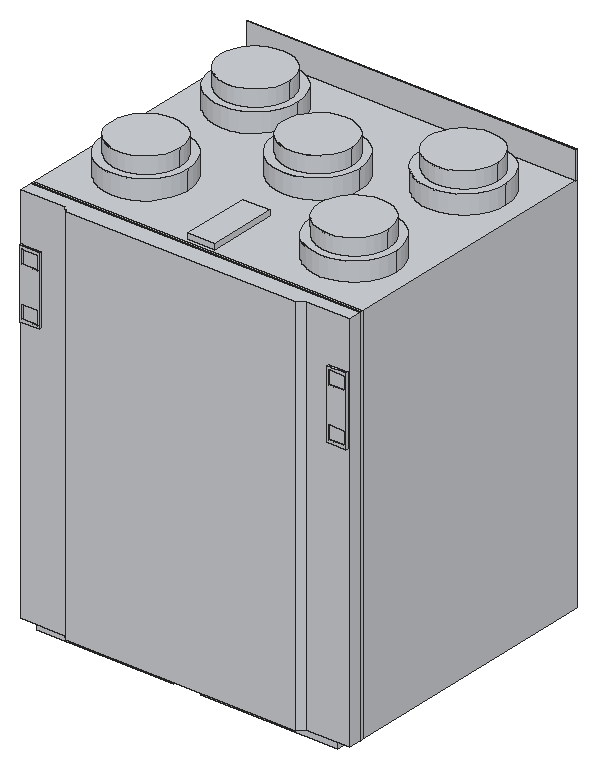
Revit family "210_101d5c66d62c43bfbcc20518987600", category Mechanical Equipment, Revit 2017
Family settings
  Round Connector Dimension = Use Diameter
  Part Type = Breaks Into
  Work Plane-Based = No
  Always vertical = Yes
  Cut with Voids When Loaded = No
  Shared = No
  Room Calculation Point = No
Parameters (values of type "Nordic S2 R_L (800113)")
  magiProductId = "101d5c66d62c43bfbcc20518987600"
  magiProductFamilyId = "101d5c66d62c43bfbcc20518987600"
  magiPartTypeId = 210
  fan_pressure_supply [instance] = 0.0 Pa
  fan_pressure_exhaust [instance] = 0.0 Pa
  fan_flow_supply [instance] = 0.0 L/s
  fan_flow_exhaust [instance] = 0.0 L/s
  ang2D [instance] = 0.00°
  YSUP = 370 mm
  YOUT = 370 mm
  YL = 508 mm
  YK = 215 mm
  YEXT = 120 mm
  YEXH = 120 mm
  XT = 50 mm
  XSUP = 490 mm
  XOUT = 110 mm
  XL = 250 mm
  XK = 300 mm
  XEXT = 490 mm
  XEXH = 110 mm
  W2 = 264 mm
  W0 = 518 mm
  W = 500 mm
  VersionID = "2.0/2018.8.28.1/FLEXIT_S3-S2-L_001"
  RC = 62.5 mm
  R1 = 77.5 mm
  R = 62.5 mm
  QmdConnectorList = "221;D;231;D;241;D;249;DC;251;D"
  Productdata [instance] = "© Progman Oy, all rights reserved"
  PValue [instance] = 100.0 Pa
  Manufacturer = "Flexit"
  Maintenance Zone Right Depth [instance] = 500 mm
  Maintenance Zone Over Depth [instance] = 500 mm
  MZONL__ve [instance] = -Maintenance Zone Left Depth  # -500 mm
  Maintenance Zone Left Depth [instance] = 500 mm
  MZONF__ve [instance] = -Maintenance Zone Front Depth  # -528 mm
  Maintenance Zone Front Depth [instance] = 528 mm
  Maintenance Zone Back Depth [instance] = 400 mm
  Maintenance Zone Top Visibility [instance] = no
  Maintenance Zone Right Visibility [instance] = no
  Maintenance Zone Left Visibility [instance] = no
  Maintenance Zone Back Visibility [instance] = no
  Maintenance Zone Front Visibility [instance] = no
  MC Ventilation Flow [instance] = 0.0 L/s
  MC Product Code = "Nordic S2 R_L (800113)"
  MC Piping Flow [instance] = 0.0 L/s
  MC Cooling Flow [instance] = 0.0 L/s
  LD = 35 mm
  L2 = 300 mm
  HD = 125 mm
  HB = 700 mm
  H = 777 mm
  Description = "Nordic S2 R_L (800113)"
  DW = 30 mm
  DL = 64 mm
  DH = 25 mm
  DC = 125 mm
  D = 125 mm
  Clearance Zone Right Depth [instance] = 500 mm
  Clearance Zone Left Depth [instance] = 500 mm
  Clearance Zone Height Depth [instance] = 500 mm
  Clearance Zone Front Depth = 500 mm
  Clearance Zone Back Depth [instance] = 500 mm
  Clearance Zone Visibility [instance] = no
Reference planes
  plane 1 "Center (Front/Back)": y = 0
  plane 2 "XYPLANE": z = 0
  plane 3 "Center (Left/Right)": x = 0
  plane 4 "336": z = 1277
  plane 5 "333": y = -154
  plane 6 "287": y = 262
  plane 7 "285": z = 518
  plane 8 "284": z = 608
  plane 9 "277": x = 280
  plane 10 "276": x = -280
  plane 11 "275": z = 563
  plane 12 "272": x = -300.2
  plane 13 "271": x = 300.2
  plane 14 "270": z = 12.8
  plane 15 "269": z = 713.2
  plane 16 "267": y = -224
  plane 17 "263": y = 5
  plane 18 "262": x = -150
  plane 19 "261": x = 150
  plane 20 "258": x = 220
  plane 21 "257": x = -220
  plane 22 "251": z = 713
  plane 23 "245": z = 13
  plane 24 "235": x = 210
  plane 25 "234": x = -210
  plane 26 "201": y = 49
  plane 27 "200": y = 144
  plane 28 "199": y = -106
  plane 29 "198": y = 144
  plane 30 "197": y = -106
  plane 31 "196": x = 0
  plane 32 "195": x = -190
  plane 33 "194": x = -190
  plane 34 "193": x = 190
  plane 35 "192": x = 190
  plane 36 "133": z = 0
  plane 37 "99": y = -254
  plane 38 "97": x = 300
  plane 39 "59": x = -800
  plane 40 "58": x = 800
  plane 41 "57": y = -764
  plane 42 "56": y = 764
  plane 43 "55": x = -300
  plane 44 "54": x = 300
  plane 45 "53": z = 777
  plane 46 "52": y = -264
  plane 47 "51": y = 264
  plane 48 "48": x = -300
  plane 49 "36": y = 264
  plane 50 "35": x = 0
Forms (mm)
  Blend 1, solid, visible <- "Clearance Zone Visibility"
    base sketch origin (-750, 0, 0) x (1, 0, 0) y (0, 1, 0)
      loop
        line (-50, 764) -> (-50, -764) -> (1550, -764) -> (1550, 764) -> (-50, 764)
    top sketch origin (-750, 0, 0) x (1, 0, 0) y (0, 1, 0)
      loop
        line (-50, 764) -> (-50, -764) -> (1550, -764) -> (1550, 764) -> (-50, 764)
    from 0 to 1277
  Extrusion 2, solid
    sketch origin (-750, 0, 713) x (1, 0, 0) y (0, 1, 0)
      loop
        line (775, -91.5) -> (725, -91.5) -> (725, -216.5) -> (775, -216.5) -> (775, -91.5)
    from 0 to 10
  Extrusion 3, solid
    sketch origin (-750, 0, 713) x (1, 0, 0) y (0, 1, 0)
      loop
        circle (750, 49) r 77.5
    from 0 to 35
  Extrusion 4, solid
    sketch origin (-750, 0, 713) x (1, 0, 0) y (0, 1, 0)
      loop
        circle (560, 144) r 77.5
    from 0 to 35
  Extrusion 5, solid
    sketch origin (-750, 0, 713) x (1, 0, 0) y (0, 1, 0)
      loop
        circle (560, -106) r 77.5
    from 0 to 35
  Extrusion 6, solid
    sketch origin (-750, 0, 713) x (1, 0, 0) y (0, 1, 0)
      loop
        circle (940, 144) r 77.5
    from 0 to 35
  Extrusion 7, solid
    sketch origin (-750, 0, 713) x (1, 0, 0) y (0, 1, 0)
      loop
        circle (940, -106) r 77.5
    from 0 to 35
  Extrusion 8, solid
    sketch origin (750, -254, 0) x (-1, 0, 0) y (0, 0, 1)
      loop
        line (455, 620.5) -> (455, 595.5) -> (485, 595.5) -> (485, 620.5) -> (455, 620.5)
    from 0 to -2
  Extrusion 9, solid
    sketch origin (750, -254, 0) x (-1, 0, 0) y (0, 0, 1)
      loop
        line (455, 530.5) -> (455, 505.5) -> (485, 505.5) -> (485, 530.5) -> (455, 530.5)
    from 0 to -2
  Extrusion 10, solid
    sketch origin (750, -254, 0) x (-1, 0, 0) y (0, 0, 1)
      loop
        line (1015, 620.5) -> (1015, 595.5) -> (1045, 595.5) -> (1045, 620.5) -> (1015, 620.5)
    from 0 to -2
  Extrusion 11, solid
    sketch origin (750, -254, 0) x (-1, 0, 0) y (0, 0, 1)
      loop
        line (1015, 530.5) -> (1015, 505.5) -> (1045, 505.5) -> (1045, 530.5) -> (1015, 530.5)
    from 0 to -2
  Extrusion 12, solid
    sketch origin (-750, 0, 713) x (1, 0, 0) y (0, 1, 0)
      loop
        line (450, 262) -> (1050, 262) -> (1050, 264) -> (450, 264) -> (450, 262)
    from 0 to 50
  Extrusion 13, solid
    sketch origin (750, -254, 0) x (-1, 0, 0) y (0, 0, 1)
      loop
        line (452.5, 625.5) -> (452.5, 500.5) -> (487.5, 500.5) -> (487.5, 625.5) -> (452.5, 625.5)
      loop
        line (455, 530.5) -> (455, 505.5) -> (485, 505.5) -> (485, 530.5) -> (455, 530.5)
      loop
        line (455, 620.5) -> (455, 595.5) -> (485, 595.5) -> (485, 620.5) -> (455, 620.5)
    from 0 to -4
  Extrusion 14, solid
    sketch origin (750, -254, 0) x (-1, 0, 0) y (0, 0, 1)
      loop
        line (1012.5, 625.5) -> (1012.5, 500.5) -> (1047.5, 500.5) -> (1047.5, 625.5) -> (1012.5, 625.5)
      loop
        line (1015, 620.5) -> (1015, 595.5) -> (1045, 595.5) -> (1045, 620.5) -> (1015, 620.5)
      loop
        line (1015, 530.5) -> (1015, 505.5) -> (1045, 505.5) -> (1045, 530.5) -> (1015, 530.5)
    from 0 to -4
  Extrusion 15, solid
    sketch origin (750, -224, 0) x (-1, 0, 0) y (0, 0, 1)
      loop
        line (1050.2, 12.8) -> (1050.2, 713.2) -> (449.8, 713.2) -> (449.8, 12.8) -> (1050.2, 12.8)
    from 0 to -5
  Extrusion 16, solid
    sketch origin (-750, 0, 0) x (1, 0, 0) y (0, 1, 0)
      loop
        line (1025, 259) -> (775, 259) -> (775, -249) -> (1025, -249) -> (1025, 259)
    from 0 to 13
  Extrusion 17, solid
    sketch origin (-750, 0, 0) x (1, 0, 0) y (0, 1, 0)
      loop
        line (725, 259) -> (475, 259) -> (475, -249) -> (725, -249) -> (725, 259)
    from 0 to 13
  Extrusion 18, solid
    sketch origin (-750, 0, 713) x (1, 0, 0) y (0, 1, 0)
      loop
        circle (750, 49) r 62.5
    from 0 to 64 <- "DL"
  Extrusion 19, solid
    sketch origin (-750, 0, 713) x (1, 0, 0) y (0, 1, 0)
      loop
        circle (940, 144) r 62.5
    from 0 to 64 <- "DL"
  Extrusion 20, solid
    sketch origin (-750, 0, 713) x (1, 0, 0) y (0, 1, 0)
      loop
        circle (560, 144) r 62.5
    from 0 to 64 <- "DL"
  Extrusion 21, solid
    sketch origin (-750, 0, 713) x (1, 0, 0) y (0, 1, 0)
      loop
        circle (560, -106) r 62.5
    from 0 to 64 <- "DL"
  Extrusion 22, solid
    sketch origin (-750, 0, 713) x (1, 0, 0) y (0, 1, 0)
      loop
        circle (940, -106) r 62.5
    from 0 to 64 <- "DL"
  Extrusion 23, solid
    sketch origin (-750, 0, 13) x (1, 0, 0) y (0, 1, 0)
      loop
        line (450, 264) -> (450, -254) -> (530, -254) -> (540, -264) -> (960, -264) -> (970, -254) -> (1050, -254) -> (1050, 264) -> (450, 264)
    from 0 to 700 <- "HB"
  Extrusion 24, solid, visible <- "Maintenance Zone Front Visibility"
    sketch origin (750, -264, 0) x (-1, 0, 0) y (0, 0, 1)
      loop
        line (1050, 777) -> (450, 777) -> (450, 0) -> (1050, 0) -> (1050, 777)
    from 0 to -528 <- "MZONF__ve"
  Extrusion 25, solid, visible <- "Maintenance Zone Back Visibility"
    sketch origin (750, 264, 0) x (-1, 0, 0) y (0, 0, 1)
      loop
        line (1050, 0) -> (1050, 777) -> (450, 777) -> (450, 0) -> (1050, 0)
    from 0 to 400 <- "Maintenance Zone Back Depth"
  Extrusion 26, solid, visible <- "Maintenance Zone Left Visibility"
    sketch origin (-300, -750, 0) x (0, 1, 0) y (0, 0, 1)
      loop
        line (1014, 777) -> (486, 777) -> (486, 0) -> (1014, 0) -> (1014, 777)
    from 0 to -500 <- "MZONL__ve"
  Extrusion 27, solid, visible <- "Maintenance Zone Right Visibility"
    sketch origin (300, -750, 0) x (0, 1, 0) y (0, 0, 1)
      loop
        line (1014, 777) -> (486, 777) -> (486, 0) -> (1014, 0) -> (1014, 777)
    from 0 to 500 <- "Maintenance Zone Right Depth"
  Extrusion 28, solid, visible <- "Maintenance Zone Top Visibility"
    sketch origin (-750, 0, 777) x (1, 0, 0) y (0, 1, 0)
      loop
        line (450, 264) -> (450, -264) -> (1050, -264) -> (1050, 264) -> (450, 264)
    from 0 to 500 <- "Maintenance Zone Over Depth"
  Extrusion 29, solid, not visible
    sketch origin (-750, 0, 713) x (1, 0, 0) y (0, 1, 0)
      loop
        circle (750, 49) r 10
    from 0 to -10
  Extrusion 30, solid, not visible
    sketch origin (-750, 0, 713) x (1, 0, 0) y (0, 1, 0)
      loop
        circle (560, -106) r 10
    from 0 to -10
  Extrusion 31, solid, not visible
    sketch origin (-750, 0, 713) x (1, 0, 0) y (0, 1, 0)
      loop
        circle (560, 144) r 10
    from 0 to -10
  Extrusion 32, solid, not visible
    sketch origin (-750, 0, 713) x (1, 0, 0) y (0, 1, 0)
      loop
        circle (940, 144) r 10
    from 0 to -10
  Extrusion 33, solid, not visible
    sketch origin (-750, 0, 713) x (1, 0, 0) y (0, 1, 0)
      loop
        circle (940, -106) r 10
    from 0 to -10
Lines and regions (mm)
  reference lines, not visible
    curve 1: circle (2, 2, 0) r 1 normal (0, 0, 1)
  reference lines
    curve 2: circle (0, -154, 713) r 1 normal (0, 0, 1)
    curve 3: circle (280, -254, 608) r 1 normal (0, -1, 0)
    curve 4: circle (280, -254, 518) r 1 normal (0, -1, 0)
    curve 5: circle (-280, -254, 608) r 1 normal (0, -1, 0)
    curve 6: circle (-280, -254, 518) r 1 normal (0, -1, 0)
    curve 7: circle (280, -254, 563) r 1 normal (0, -1, 0)
    curve 8: circle (280, -254, 518) r 1 normal (0, -1, 0)
    curve 9: circle (280, -254, 608) r 1 normal (0, -1, 0)
    curve 10: circle (-280, -254, 563) r 1 normal (0, -1, 0)
    curve 11: circle (-280, -254, 608) r 1 normal (0, -1, 0)
    curve 12: circle (-280, -254, 518) r 1 normal (0, -1, 0)
    curve 13: circle (150, 5, 0) r 1 normal (0, 0, 1)
    curve 14: circle (-150, 5, 0) r 1 normal (0, 0, 1)
Text (mm)
  text "© Progman Oy, all rights reserved" at (-472.209, -2482.653, 0), in view "Ref. Level"
Dimensions and locks
  plane 1 "Center (Front/Back)" to curve 1 = 2 mm
  "Clearance Zone Height Depth": plane 45 "53" to plane 4 "336"
  locked: plane 37 "99" to plane 5 "333" at 100
  locked: plane 49 "36" to plane 6 "287" at 2
  locked: plane 11 "275" to plane 7 "285" at 45
  locked: plane 11 "275" to plane 8 "284" at 45
  locked: plane 38 "97" to plane 9 "277" at 20
  locked: plane 48 "48" to plane 10 "276" at 20
  locked: plane 22 "251" to plane 11 "275" at 150
  locked: plane 48 "48" to plane 12 "272" at 0.2
  locked: plane 38 "97" to plane 13 "271" at 0.2
  locked: plane 23 "245" to plane 14 "270" at 0.2
  locked: plane 22 "251" to plane 15 "269" at 0.2
  locked: plane 49 "36" to plane 16 "267" at 488
  locked: plane 1 "Center (Front/Back)" to plane 17 "263" at 5
  locked: plane 3 "Center (Left/Right)" to plane 18 "262" at 150
  locked: plane 3 "Center (Left/Right)" to plane 19 "261" at 150
  locked: plane 38 "97" to plane 20 "258" at 80
  locked: plane 48 "48" to plane 21 "257" at 80
  "HB": plane 23 "245" to plane 22 "251"
  locked: plane 2 "XYPLANE" to plane 23 "245" at 13
  locked: plane 38 "97" to plane 24 "235" at 90
  locked: plane 48 "48" to plane 25 "234" at 90
  "YK": plane 49 "36" to plane 26 "201"
  "YEXH": plane 49 "36" to plane 27 "200"
  "YOUT": plane 49 "36" to plane 28 "199"
  "YEXT": plane 49 "36" to plane 29 "198"
  "YSUP": plane 49 "36" to plane 30 "197"
  "XK": plane 48 "48" to plane 31 "196"
  "XEXH": plane 48 "48" to plane 32 "195"
  "XOUT": plane 48 "48" to plane 33 "194"
  "XEXT": plane 48 "48" to plane 34 "193"
  "XSUP": plane 48 "48" to plane 35 "192"
  locked: plane 2 "XYPLANE" to plane 36 "133"
  "W0": plane 49 "36" to plane 37 "99"
  "L2": plane 3 "Center (Left/Right)" to plane 38 "97"
  "Clearance Zone Left Depth": plane 43 "55" to plane 39 "59"
  "Clearance Zone Right Depth": plane 44 "54" to plane 40 "58"
  "Clearance Zone Front Depth": plane 46 "52" to plane 41 "57"
  "Clearance Zone Back Depth": plane 47 "51" to plane 42 "56"
  "L2": plane 3 "Center (Left/Right)" to plane 43 "55"
  "L2": plane 3 "Center (Left/Right)" to plane 44 "54"
  "H": plane 2 "XYPLANE" to plane 45 "53"
  "W2": plane 1 "Center (Front/Back)" to plane 46 "52"
  "W2": plane 1 "Center (Front/Back)" to plane 47 "51"
  "L2": plane 3 "Center (Left/Right)" to plane 48 "48"
  "W2": plane 1 "Center (Front/Back)" to plane 49 "36"
  locked: plane 3 "Center (Left/Right)" to plane 50 "35"
  Blend 1 sketch curve to Blend 1 sketch curve = 0 mm  (x16)
  equal spacing: Extrusion 2 sketch curve, curve 2, Extrusion 2 sketch curve  (x2)
  "HD": Extrusion 2 sketch curve to Extrusion 2 sketch curve
  "XT": Extrusion 2 sketch curve to Extrusion 2 sketch curve
  Extrusion 2 sketch curve to Extrusion 2 sketch curve = 0 mm  (x8)
  equal spacing: Extrusion 8 sketch curve, curve 3, Extrusion 8 sketch curve  (x2)
  "DH": Extrusion 8 sketch curve to Extrusion 8 sketch curve
  "DW": Extrusion 8 sketch curve to Extrusion 8 sketch curve
  Extrusion 8 sketch curve to Extrusion 8 sketch curve = 0 mm  (x8)
  equal spacing: Extrusion 9 sketch curve, curve 4, Extrusion 9 sketch curve  (x2)
  "DH": Extrusion 9 sketch curve to Extrusion 9 sketch curve
  "DW": Extrusion 9 sketch curve to Extrusion 9 sketch curve
  Extrusion 9 sketch curve to Extrusion 9 sketch curve = 0 mm  (x8)
  equal spacing: Extrusion 10 sketch curve, curve 5, Extrusion 10 sketch curve  (x2)
  "DH": Extrusion 10 sketch curve to Extrusion 10 sketch curve
  "DW": Extrusion 10 sketch curve to Extrusion 10 sketch curve
  Extrusion 10 sketch curve to Extrusion 10 sketch curve = 0 mm  (x8)
  equal spacing: Extrusion 11 sketch curve, curve 6, Extrusion 11 sketch curve  (x2)
  "DH": Extrusion 11 sketch curve to Extrusion 11 sketch curve
  "DW": Extrusion 11 sketch curve to Extrusion 11 sketch curve
  Extrusion 11 sketch curve to Extrusion 11 sketch curve = 0 mm  (x8)
  Extrusion 12 sketch curve to Extrusion 12 sketch curve = 0 mm  (x8)
  equal spacing: Extrusion 13 sketch curve, curve 7, Extrusion 13 sketch curve  (x2)
  "HD": Extrusion 13 sketch curve to Extrusion 13 sketch curve
  "LD": Extrusion 13 sketch curve to Extrusion 13 sketch curve
  equal spacing: Extrusion 13 sketch curve, curve 8, Extrusion 13 sketch curve  (x2)
  "DH": Extrusion 13 sketch curve to Extrusion 13 sketch curve  (x2)
  "DW": Extrusion 13 sketch curve to Extrusion 13 sketch curve  (x2)
  equal spacing: Extrusion 13 sketch curve, curve 9, Extrusion 13 sketch curve  (x2)
  Extrusion 13 sketch curve to Extrusion 13 sketch curve = 0 mm  (x24)
  equal spacing: Extrusion 14 sketch curve, curve 10, Extrusion 14 sketch curve  (x2)
  "HD": Extrusion 14 sketch curve to Extrusion 14 sketch curve
  "LD": Extrusion 14 sketch curve to Extrusion 14 sketch curve
  equal spacing: Extrusion 14 sketch curve, curve 11, Extrusion 14 sketch curve  (x2)
  "DH": Extrusion 14 sketch curve to Extrusion 14 sketch curve  (x2)
  "DW": Extrusion 14 sketch curve to Extrusion 14 sketch curve  (x2)
  equal spacing: Extrusion 14 sketch curve, curve 12, Extrusion 14 sketch curve  (x2)
  Extrusion 14 sketch curve to Extrusion 14 sketch curve = 0 mm  (x24)
  Extrusion 15 sketch curve to Extrusion 15 sketch curve = 0 mm  (x8)
  equal spacing: Extrusion 16 sketch curve, curve 13, Extrusion 16 sketch curve  (x2)
  "YL": Extrusion 16 sketch curve to Extrusion 16 sketch curve
  "XL": Extrusion 16 sketch curve to Extrusion 16 sketch curve
  Extrusion 16 sketch curve to Extrusion 16 sketch curve = 0 mm  (x8)
  equal spacing: Extrusion 17 sketch curve, curve 14, Extrusion 17 sketch curve  (x2)
  "YL": Extrusion 17 sketch curve to Extrusion 17 sketch curve
  "XL": Extrusion 17 sketch curve to Extrusion 17 sketch curve
  Extrusion 17 sketch curve to Extrusion 17 sketch curve = 0 mm  (x8)
  Extrusion 23 sketch curve to Extrusion 23 sketch curve = 0 mm  (x16)
  Extrusion 24 sketch curve to Extrusion 24 sketch curve = 0 mm  (x8)
  Extrusion 25 sketch curve to Extrusion 25 sketch curve = 0 mm  (x8)
  Extrusion 26 sketch curve to Extrusion 26 sketch curve = 0 mm  (x8)
  Extrusion 27 sketch curve to Extrusion 27 sketch curve = 0 mm  (x8)
  Extrusion 28 sketch curve to Extrusion 28 sketch curve = 0 mm  (x8)
  "R1": radius of Extrusion 3 sketch curve
  "R1": radius of Extrusion 4 sketch curve
  "R1": radius of Extrusion 5 sketch curve
  "R1": radius of Extrusion 6 sketch curve
  "R1": radius of Extrusion 7 sketch curve
  "RC": radius of Extrusion 18 sketch curve
  "R": radius of Extrusion 19 sketch curve
  "R": radius of Extrusion 20 sketch curve
  "R": radius of Extrusion 21 sketch curve
  "R": radius of Extrusion 22 sketch curve
  aligned and locked: level to plane 2 "XYPLANE"
  aligned and locked: Blend 1 sketch curve to plane 39 "59"  (x4)
  aligned and locked: plane 42 "56" to Blend 1 sketch curve  (x2)
  aligned and locked: plane 41 "57" to Blend 1 sketch curve  (x2)
  aligned and locked: Blend 1 sketch curve to plane 40 "58"  (x2)
  aligned and locked: Blend 1 sketch curve to plane 41 "57"  (x2)
  aligned and locked: Blend 1 sketch curve to plane 42 "56"  (x2)
  aligned and locked: plane 40 "58" to Blend 1 sketch curve  (x2)
  aligned and locked: Blend 1 to plane 4 "336"
  aligned and locked: plane 5 "333" to curve 2
  aligned and locked: plane 50 "35" to curve 2
  aligned and locked: plane 26 "201" to Extrusion 3 sketch curve
  aligned and locked: plane 31 "196" to Extrusion 3 sketch curve
  aligned and locked: plane 27 "200" to Extrusion 4 sketch curve
  aligned and locked: plane 32 "195" to Extrusion 4 sketch curve
  aligned and locked: plane 28 "199" to Extrusion 5 sketch curve
  aligned and locked: plane 33 "194" to Extrusion 5 sketch curve
  aligned and locked: plane 29 "198" to Extrusion 6 sketch curve
  aligned and locked: plane 34 "193" to Extrusion 6 sketch curve
  aligned and locked: plane 30 "197" to Extrusion 7 sketch curve
  aligned and locked: plane 35 "192" to Extrusion 7 sketch curve
  aligned and locked: plane 8 "284" to curve 3
  aligned and locked: plane 9 "277" to curve 3
  aligned and locked: plane 7 "285" to curve 4
  aligned and locked: plane 9 "277" to curve 4
  aligned and locked: plane 8 "284" to curve 5
  aligned and locked: plane 10 "276" to curve 5
  aligned and locked: plane 7 "285" to curve 6
  aligned and locked: plane 10 "276" to curve 6
  aligned and locked: plane 48 "48" to Extrusion 12 sketch curve  (x2)
  aligned and locked: plane 6 "287" to Extrusion 12 sketch curve  (x2)
  aligned and locked: plane 49 "36" to Extrusion 12 sketch curve  (x2)
  aligned and locked: plane 38 "97" to Extrusion 12 sketch curve  (x2)
  aligned and locked: plane 9 "277" to curve 7
  aligned and locked: plane 11 "275" to curve 7
  aligned and locked: plane 7 "285" to curve 8
  aligned and locked: plane 9 "277" to curve 8
  aligned and locked: plane 8 "284" to curve 9
  aligned and locked: plane 9 "277" to curve 9
  aligned and locked: plane 10 "276" to curve 10
  aligned and locked: plane 11 "275" to curve 10
  aligned and locked: plane 8 "284" to curve 11
  aligned and locked: plane 10 "276" to curve 11
  aligned and locked: plane 7 "285" to curve 12
  aligned and locked: plane 10 "276" to curve 12
  aligned and locked: Extrusion 15 sketch curve to plane 12 "272"
  aligned and locked: plane 14 "270" to Extrusion 15 sketch curve
  aligned and locked: plane 15 "269" to Extrusion 15 sketch curve  (x2)
  aligned and locked: plane 12 "272" to Extrusion 15 sketch curve
  aligned and locked: plane 13 "271" to Extrusion 15 sketch curve  (x2)
  aligned and locked: Extrusion 15 sketch curve to plane 14 "270"
  aligned and locked: plane 17 "263" to curve 13
  aligned and locked: plane 19 "261" to curve 13
  aligned and locked: plane 17 "263" to curve 14
  aligned and locked: plane 18 "262" to curve 14
  aligned and locked: plane 26 "201" to Extrusion 18 sketch curve
  aligned and locked: plane 31 "196" to Extrusion 18 sketch curve
  aligned and locked: plane 29 "198" to Extrusion 19 sketch curve
  aligned and locked: plane 34 "193" to Extrusion 19 sketch curve
  aligned and locked: plane 27 "200" to Extrusion 20 sketch curve
  aligned and locked: plane 32 "195" to Extrusion 20 sketch curve
  aligned and locked: plane 28 "199" to Extrusion 21 sketch curve
  aligned and locked: plane 33 "194" to Extrusion 21 sketch curve
  aligned and locked: plane 30 "197" to Extrusion 22 sketch curve
  aligned and locked: plane 35 "192" to Extrusion 22 sketch curve
  aligned and locked: Extrusion 23 sketch curve to plane 49 "36"
  aligned and locked: plane 48 "48" to Extrusion 23 sketch curve  (x2)
  aligned and locked: plane 38 "97" to Extrusion 23 sketch curve  (x2)
  aligned and locked: plane 49 "36" to Extrusion 23 sketch curve
  aligned and locked: plane 37 "99" to Extrusion 23 sketch curve  (x4)
  aligned and locked: plane 20 "258" to Extrusion 23 sketch curve
  aligned and locked: plane 24 "235" to Extrusion 23 sketch curve
  aligned and locked: plane 46 "52" to Extrusion 23 sketch curve  (x2)
  aligned and locked: plane 25 "234" to Extrusion 23 sketch curve
  aligned and locked: plane 21 "257" to Extrusion 23 sketch curve
  aligned and locked: plane 45 "53" to Extrusion 24 sketch curve  (x2)
  aligned and locked: plane 43 "55" to Extrusion 24 sketch curve  (x2)
  aligned and locked: plane 44 "54" to Extrusion 24 sketch curve  (x2)
  aligned and locked: plane 36 "133" to Extrusion 24 sketch curve  (x2)
  aligned and locked: plane 36 "133" to Extrusion 25 sketch curve  (x2)
  aligned and locked: plane 43 "55" to Extrusion 25 sketch curve  (x2)
  aligned and locked: plane 44 "54" to Extrusion 25 sketch curve  (x2)
  aligned and locked: plane 45 "53" to Extrusion 25 sketch curve  (x2)
  aligned and locked: plane 45 "53" to Extrusion 26 sketch curve  (x2)
  aligned and locked: plane 47 "51" to Extrusion 26 sketch curve
  aligned and locked: plane 46 "52" to Extrusion 26 sketch curve
  aligned and locked: plane 36 "133" to Extrusion 26 sketch curve  (x2)
  aligned and locked: Extrusion 26 sketch curve to plane 46 "52"
  aligned and locked: Extrusion 26 sketch curve to plane 47 "51"
  aligned and locked: plane 45 "53" to Extrusion 27 sketch curve  (x2)
  aligned and locked: plane 47 "51" to Extrusion 27 sketch curve
  aligned and locked: plane 46 "52" to Extrusion 27 sketch curve
  aligned and locked: plane 36 "133" to Extrusion 27 sketch curve  (x2)
  aligned and locked: Extrusion 27 sketch curve to plane 46 "52"
  aligned and locked: Extrusion 27 sketch curve to plane 47 "51"
  aligned and locked: Extrusion 28 sketch curve to plane 43 "55"
  aligned and locked: plane 47 "51" to Extrusion 28 sketch curve  (x2)
  aligned and locked: plane 46 "52" to Extrusion 28 sketch curve  (x2)
  aligned and locked: plane 43 "55" to Extrusion 28 sketch curve
  aligned and locked: plane 44 "54" to Extrusion 28 sketch curve  (x2)
  aligned and locked: plane 26 "201" to Extrusion 29 sketch curve
  aligned and locked: plane 31 "196" to Extrusion 29 sketch curve
  aligned and locked: plane 28 "199" to Extrusion 30 sketch curve
  aligned and locked: plane 33 "194" to Extrusion 30 sketch curve
  aligned and locked: plane 27 "200" to Extrusion 31 sketch curve
  aligned and locked: plane 32 "195" to Extrusion 31 sketch curve
  aligned and locked: plane 29 "198" to Extrusion 32 sketch curve
  aligned and locked: plane 34 "193" to Extrusion 32 sketch curve
  aligned and locked: plane 30 "197" to Extrusion 33 sketch curve
  aligned and locked: plane 35 "192" to Extrusion 33 sketch curve
Automatic sketch dimensions
  Extrusion 29 sketch curve to Extrusion 29 sketch curve = 10 mm
  Extrusion 30 sketch curve to plane 28 "199" = 10 mm
  Extrusion 31 sketch curve to plane 27 "200" = 10 mm
  Extrusion 32 sketch curve to plane 27 "200" = 10 mm
  Extrusion 33 sketch curve to plane 28 "199" = 10 mm
  plane 3 "Center (Left/Right)" to curve 1 = 2 mm
  Extrusion 2 sketch curve to plane 3 "Center (Left/Right)" = 25 mm
  plane 16 "267" to Extrusion 2 sketch curve = 7.5 mm
  Extrusion 8 sketch curve to plane 38 "97" = 5 mm
  Extrusion 8 sketch curve to plane 8 "284" = 12.5 mm
  Extrusion 9 sketch curve to plane 38 "97" = 5 mm
  Extrusion 9 sketch curve to plane 7 "285" = 12.5 mm
  plane 10 "276" to Extrusion 10 sketch curve = 15 mm
  Extrusion 10 sketch curve to plane 8 "284" = 12.5 mm
  plane 10 "276" to Extrusion 11 sketch curve = 15 mm
  Extrusion 11 sketch curve to plane 7 "285" = 12.5 mm
  Extrusion 13 sketch curve to plane 38 "97" = 2.5 mm
  Extrusion 13 sketch curve to plane 38 "97" = 5 mm  (x2)
  Extrusion 13 sketch curve to plane 7 "285" = 17.5 mm
  Extrusion 13 sketch curve to Extrusion 13 sketch curve = 5 mm
  Extrusion 13 sketch curve to plane 8 "284" = 12.5 mm
  plane 10 "276" to Extrusion 14 sketch curve = 17.5 mm
  Extrusion 14 sketch curve to Extrusion 14 sketch curve = 2.5 mm
  plane 10 "276" to Extrusion 14 sketch curve = 15 mm
  Extrusion 14 sketch curve to plane 7 "285" = 17.5 mm
  Extrusion 14 sketch curve to Extrusion 14 sketch curve = 5 mm
  Extrusion 14 sketch curve to plane 8 "284" = 12.5 mm
  Extrusion 16 sketch curve to plane 6 "287" = 3 mm
  plane 3 "Center (Left/Right)" to Extrusion 16 sketch curve = 25 mm
  plane 10 "276" to Extrusion 17 sketch curve = 5 mm
  plane 37 "99" to Extrusion 17 sketch curve = 5 mm
  radius of curve 2 = 1 mm
  radius of curve 3 = 1 mm
  radius of curve 4 = 1 mm
  radius of curve 5 = 1 mm
  radius of curve 6 = 1 mm
  radius of curve 7 = 1 mm
  radius of curve 8 = 1 mm
  radius of curve 9 = 1 mm
  radius of curve 10 = 1 mm
  radius of curve 11 = 1 mm
  radius of curve 12 = 1 mm
  radius of curve 13 = 1 mm
  radius of curve 14 = 1 mm
  radius of curve 1 = 1 mm
Connectors
  hvac at (190, -106, 713), driven by "D"
    settings: on Extrusion 33, index 1, duct flow 0.0 L/s, flow factor 0, pres drop 0.0 Pa, loss coef 0, conn angle 0.00°, conn width 304.8 mm, conn height 304.8 mm, conn diameter 125 mm, duct sys type 1, conn prof type 0, flow config 0, flow direction 2, loss method 0, conn ref index -1, conn util no, is conn primary yes, conn desc ""
  hvac at (-190, -106, 713), driven by "D"
    settings: on Extrusion 30, index 2, duct flow 0.0 L/s, flow factor 0, pres drop 0.0 Pa, loss coef 0, conn angle 0.00°, conn width 304.8 mm, conn height 304.8 mm, conn diameter 125 mm, duct sys type 1, conn prof type 0, flow config 0, flow direction 1, loss method 0, conn ref index -1, conn util no, is conn primary no, conn desc ""
  hvac at (190, 144, 713), driven by "D"
    settings: on Extrusion 32, index 3, duct flow 0.0 L/s, flow factor 0, pres drop 0.0 Pa, loss coef 0, conn angle 0.00°, conn width 304.8 mm, conn height 304.8 mm, conn diameter 125 mm, duct sys type 2, conn prof type 0, flow config 0, flow direction 1, loss method 0, conn ref index -1, conn util no, is conn primary no, conn desc ""
  hvac at (0, 49, 713), driven by "DC"
    settings: on Extrusion 29, index 4, duct flow 0.0 L/s, flow factor 0, pres drop 0.0 Pa, loss coef 0, conn angle 0.00°, conn width 304.8 mm, conn height 304.8 mm, conn diameter 125 mm, duct sys type 2, conn prof type 0, flow config 0, flow direction 1, loss method 0, conn ref index -1, conn util no, is conn primary no, conn desc ""
  hvac at (-190, 144, 713), driven by "D"
    settings: on Extrusion 31, index 5, duct flow 0.0 L/s, flow factor 0, pres drop 0.0 Pa, loss coef 0, conn angle 0.00°, conn width 304.8 mm, conn height 304.8 mm, conn diameter 125 mm, duct sys type 3, conn prof type 0, flow config 0, flow direction 2, loss method 0, conn ref index -1, conn util no, is conn primary no, conn desc ""
